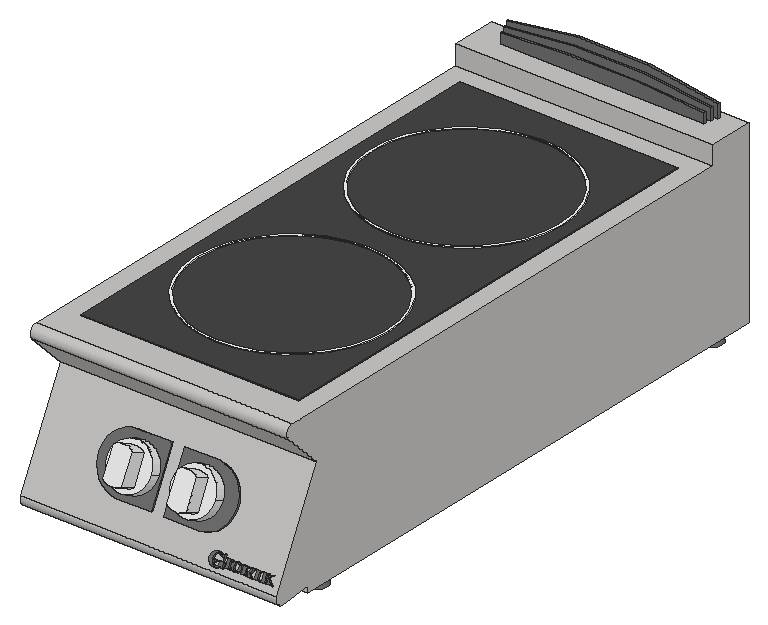
Revit family "QF_GIORIK_CI920T", category Specialty Equipment, Revit 2014
Parameters (values of type "CI920T")
  Weight in Pounds = 99.2079
  Watts = 10000 W
  Volts = 400 V
  URL Cutsheet = "www.giorik.com"
  URL = "www.giorik.com"
  Status [instance] = ""
  Specification by User [instance] = ""
  Specification by Manufacturer = ""
  Show Logo [instance] = yes
  Show Clearance [instance] = yes
  Serial Number = ""
  Seismic Rating = ""
  SMACNA No = ""
  Revision Code [instance] = ""
  Phase = 3
  Number of Poles [instance] = 3
  NAFEM Spec ID Number = ""
  Model = "CI920T"
  Min Ckt Ampacity = 0 A
  Max Overcurrent Protection = 0 A
  Masterspec = ""
  Manufacturer = "GIORIK"
  Item Number [instance] = ""
  Installed By [instance] = ""
  Identify Quantity as Lot [instance] = no
  HP = "13.410200000000"
  Furnished By [instance] = ""
  Foodservice Equipment Identifier [instance] = yes
  FL Amps = 0 A
  Electrical Remarks [instance] = ""
  Electric Connection Type [instance] = ""
  Elec Conn RI Height [instance] = 0 mm
  Elec Conn Connection Height [instance] = 20 mm
  Description = "2 ZONE INDUCTION HOB - COUNTERTOP VERSION"
  Cycle = 50 Hz
  Conn Plug = ""
  CSI MasterFormat = ""
  Assembly Code = "E1090320"
  Apparent Power = 10000 VA
Reference planes
  plane 1 "Back": y = 0
  plane 2: z = 0
  plane 3 "Left": x = 0
  plane 4 "Right": x = 400
  plane 5 "Front": y = -920
  plane 6 "Top": z = 300
Forms (mm)
  Extrusion 1, solid, visible <- "Show Logo"
    sketch origin (196.604, -936.761, 9.486) x (-1, 0, 0) y (0, 0.452718, 0.891654)
      loop
        line (-118.824, 58.358) -> (-127.804, 58.358) -> (-125.523, 56.445) -> (-125.523, 48.027) -> (-127.804, 46.113) -> (-118.824, 46.113) -> (-121.105, 48.027) -> (-121.105, 56.445) -> (-118.824, 58.358)
      loop
        line (-163.721, 58.358) -> (-172.7, 58.358) -> (-170.42, 56.445) -> (-170.42, 48.027) -> (-172.7, 46.113) -> (-163.721, 46.113) -> (-166.001, 48.027) -> (-166.001, 56.445) -> (-163.721, 58.358)
      loop
        line (-174.332, 58.358) -> (-183.312, 58.358) -> (-181.031, 56.445) -> (-181.031, 52.435) -> (-186.419, 56.955) -> (-184.416, 58.358) -> (-191.268, 58.358) -> (-188.01, 56.839) -> (-185.455, 54.283) -> (-190.846, 47.858) -> (-193.396, 46.93) -> (-193.396, 46.113) -> (-184.416, 46.113) -> (-185.437, 47.571) -> (-182.443, 51.552) -> (-181.031, 50.894) -> (-181.031, 48.027) -> (-183.312, 46.113) -> (-174.332, 46.113) -> (-176.613, 48.027) -> (-176.613, 56.445) -> (-174.332, 58.358)
      loop
        line (-115.429, 62.063) -> (-115.429, 54.198)
        arc (-115.429, 54.198) -> (-111.618, 57.803) -> (-106.847, 59.986) r 16.039
        arc (-106.847, 59.986) -> (-103.314, 59.837) -> (-100.512, 57.68) r 5.851
        arc (-100.512, 57.68) -> (-98.815, 52.267) -> (-100.512, 46.853) r 9.479
        arc (-100.512, 46.853) -> (-102.406, 44.986) -> (-104.846, 43.93) r 7.236
        arc (-104.846, 43.93) -> (-107.728, 44.111) -> (-110.052, 45.825) r 5.11
        line (-110.052, 45.825) -> (-110.052, 52.001) -> (-116.141, 52.001) -> (-116.141, 45.503) -> (-117.893, 43.751) -> (-114.094, 44.769)
        arc (-114.094, 44.769) -> (-112.56, 44.947) -> (-111.129, 44.366) r 3.115
        arc (-111.129, 44.366) -> (-104.216, 42.091) -> (-97.303, 44.366) r 11.641
        arc (-97.303, 44.366) -> (-93.396, 52.107) -> (-97.303, 59.849) r 9.622
        arc (-97.303, 59.849) -> (-104.369, 62.174) -> (-111.435, 59.849) r 11.898
        line (-111.435, 59.849) -> (-115.429, 62.063)
      loop
        arc (-129.234, 56.068) -> (-135.893, 58.628) -> (-142.552, 56.068) r 9.941
        arc (-142.552, 56.068) -> (-144.234, 52.286) -> (-142.552, 48.505) r 5.093
        arc (-142.552, 48.505) -> (-135.893, 45.945) -> (-129.234, 48.505) r 9.941
        arc (-129.234, 48.505) -> (-127.552, 52.286) -> (-129.234, 56.068) r 5.093
      loop
        arc (-132.628, 54.403) -> (-135.893, 57.668) -> (-139.158, 54.403) r 3.265
        line (-139.158, 54.403) -> (-139.158, 50.169)
        arc (-139.158, 50.169) -> (-135.893, 46.904) -> (-132.628, 50.169) r 3.265
        line (-132.628, 50.169) -> (-132.628, 54.403)
      loop
        arc (-156.363, 58.365) -> (-159.647, 55.081) -> (-156.363, 51.796) r 3.285
        line (-156.363, 51.796) -> (-159.529, 47.306) -> (-162.087, 46.113) -> (-155.847, 46.113) -> (-153.529, 51.083) -> (-150.637, 51.083) -> (-150.637, 47.784) -> (-153.022, 46.113) -> (-144.011, 46.113) -> (-146.094, 47.68) -> (-146.094, 56.493) -> (-144.229, 58.365) -> (-156.363, 58.365)
      loop
        line (-150.637, 57.512) -> (-153.637, 57.512)
        arc (-153.637, 57.512) -> (-156.237, 54.912) -> (-153.637, 52.312) r 2.6
        line (-153.637, 52.312) -> (-150.637, 52.312) -> (-150.637, 57.512)
      loop
        line (-108.924, 52.001) -> (-104.936, 49.005) -> (-100.948, 52.001) -> (-108.924, 52.001)
    from 1.5 to -0.5
  Extrusion 2, solid
    sketch origin (-4, 0, 5) x (1, 0, 0) y (0, 1, 0)
      loop
        circle (54, -385) r 12.5
    from 0 to 15
  Extrusion 3, solid
    sketch origin (0, 800, -620) x (0, 1, 0) y (0, 0, 1)
      loop
        line (-800, 919.988) -> (-870, 919.988) -> (-870, 889.988) -> (-1688.806, 889.988)
        arc (-1688.806, 889.988) -> (-1699.151, 883.075) -> (-1696.724, 870.873) r 11.197
        line (-1696.724, 870.873) -> (-1640.876, 815.025) -> (-1718.948, 661.258)
        arc (-1718.948, 661.258) -> (-1718.233, 650.105) -> (-1708.118, 645.354) r 10.981
        line (-1708.118, 645.354) -> (-1660, 649.925) -> (-1660, 640) -> (-800, 640) -> (-800, 919.988)
    from 0 to 400
  Extrusion 4, solid
    sketch origin (-273.221, -1163.345, -547.637) x (1, 0, 0) y (0, 0.452718, 0.891654)
      loop
        line (463.221, 676.25) -> (463.221, 766.25) -> (409.698, 766.25)
        arc (409.698, 766.25) -> (364.698, 721.25) -> (409.698, 676.25) r 45
        line (409.698, 676.25) -> (463.221, 676.25)
    from 48 to 50
  Extrusion 5, solid
    sketch origin (501.331, -1208.697, -525.041) x (-1, 0, 0) y (0, -0.45351, -0.891251)
      loop
        circle (351.331, -721.346) r 35
    from 0 to 15
  Extrusion 6, solid
    sketch origin (501.331, -1208.697, -525.041) x (-1, 0, 0) y (0, -0.45351, -0.891251)
      loop
        arc (336.331, -743.846) -> (351.331, -748.846) -> (366.331, -743.846) r 25
        line (366.331, -743.846) -> (366.331, -698.846)
        arc (366.331, -698.846) -> (351.331, -693.846) -> (336.331, -698.846) r 25
        line (336.331, -698.846) -> (336.331, -743.846)
    from 15 to 40
  Extrusion 7, solid
    sketch origin (673.255, -1163.345, -547.637) x (-1, 0, 0) y (0, -0.452718, -0.891654)
      loop
        line (463.221, -676.25) -> (409.698, -676.25)
        arc (409.698, -676.25) -> (364.698, -721.25) -> (409.698, -766.25) r 45
        line (409.698, -766.25) -> (463.221, -766.25) -> (463.221, -676.25)
    from 48 to 50
  Extrusion 8, solid
    sketch origin (-101.297, -1208.697, -525.041) x (1, 0, 0) y (0, 0.45351, 0.891251)
      loop
        circle (351.331, 721.346) r 35
    from 0 to 15
  Extrusion 9, solid
    sketch origin (-101.297, -1208.697, -525.041) x (1, 0, 0) y (0, 0.45351, 0.891251)
      loop
        line (336.331, 743.846) -> (336.331, 698.846)
        arc (336.331, 698.846) -> (351.331, 693.846) -> (366.331, 698.846) r 25
        line (366.331, 698.846) -> (366.331, 743.846)
        arc (366.331, 743.846) -> (351.331, 748.846) -> (336.331, 743.846) r 25
    from 15 to 40
  Extrusion 10, solid
    sketch origin (0, -215, 221) x (0, 1, 0) y (-1, 0, 0)
      loop
        line (-625, -30) -> (-625, -370) -> (115, -370) -> (115, -30) -> (-625, -30)
    from 48 to 50
  Extrusion 11, solid
    sketch origin (10, -531.5, 248.488) x (0, -1, 0) y (1, 0, 0)
      loop
        circle (-231.5, 189.999) r 150
      loop
        circle (-231.5, 189.999) r 146.5
    from 23 to 20.512
  Extrusion 12, solid
    sketch origin (-94, 0, -610.002) x (1, 0, 0) y (0, 0, 1)
      loop
        line (135, 909.989) -> (453, 909.989) -> (453, 925.527) -> (347.056, 931.749) -> (240.944, 931.749) -> (135, 925.527) -> (135, 909.989)
    from 32 to 35
  Extrusion 13, solid
    sketch origin (-92, 10, -610.002) x (1, 0, 0) y (0, 0, 1)
      loop
        line (454, 909.989) -> (454, 928.527) -> (346.162, 939.193) -> (237.838, 939.193) -> (130, 928.527) -> (130, 909.989) -> (454, 909.989)
    from 32 to 35
  Extrusion 14, solid
    sketch origin (-90, 20, -610.002) x (1, 0, 0) y (0, 0, 1)
      loop
        line (455, 909.989) -> (455, 930.527) -> (345.396, 947.413) -> (234.604, 947.413) -> (125, 930.527) -> (125, 909.989) -> (455, 909.989)
    from 32 to 35
  Extrusion 15, solid
    sketch origin (10, -871.5, 248.488) x (0, -1, 0) y (1, 0, 0)
      loop
        circle (-231.5, 189.999) r 150
      loop
        circle (-231.5, 189.999) r 146.5
    from 23 to 20.512
  Extrusion 16, solid
    sketch origin (543.603, 45.324, -30) x (0, 1, 0) y (-1, 0, 0)
      loop
        circle (-79.293, 516.603) r 5
    from 41.965 to 50
  Revolve 17, solid
    sketch origin (27, 49.973, -600) x (0, 1, 0) y (0, 0, 1)
      loop
        line (-83.943, 611.965) -> (-94.752, 611.965) -> (-97.943, 600) -> (-83.943, 600) -> (-83.943, 611.965)
      axis (-83.943, 611.965) -> (-83.943, 600)
    angle from 0 to 360
  Extrusion 18, solid
    sketch origin (-143.603, 45.324, -30) x (0, 1, 0) y (-1, 0, 0)
      loop
        circle (-79.293, -516.603) r 5
    from 41.965 to 50
  Revolve 19, solid
    sketch origin (373, 49.973, -600) x (0, 1, 0) y (0, 0, -1)
      loop
        line (-83.943, -611.965) -> (-83.943, -600) -> (-97.943, -600) -> (-94.752, -611.965) -> (-83.943, -611.965)
      axis (-83.943, -611.965) -> (-83.943, -600)
    angle from 0 to 360
  Extrusion 20, solid
    sketch origin (543.603, -724.744, -30) x (0, 1, 0) y (-1, 0, 0)
      loop
        circle (-79.293, 516.603) r 5
    from 41.965 to 50
  Revolve 21, solid
    sketch origin (27, -720.095, -600) x (0, 1, 0) y (0, 0, 1)
      loop
        line (-83.943, 611.965) -> (-94.752, 611.965) -> (-97.943, 600) -> (-83.943, 600) -> (-83.943, 611.965)
      axis (-83.943, 611.965) -> (-83.943, 600)
    angle from 0 to 360
  Extrusion 22, solid
    sketch origin (-143.603, -724.744, -30) x (0, 1, 0) y (-1, 0, 0)
      loop
        circle (-79.293, -516.603) r 5
    from 41.965 to 50
  Revolve 23, solid
    sketch origin (373, -720.095, -600) x (0, 1, 0) y (0, 0, -1)
      loop
        line (-83.943, -611.965) -> (-83.943, -600) -> (-97.943, -600) -> (-94.752, -611.965) -> (-83.943, -611.965)
      axis (-83.943, -611.965) -> (-83.943, -600)
    angle from 0 to 360
Lines and regions (mm)
  symbolic lines, style "200-EquipBorder-2D"
    curve 1: line (0, -920, 0) -> (400, -920, 0)
    curve 2: line (400, -920, 0) -> (400, 0, 0)
    curve 3: line (400, 0, 0) -> (0, 0, 0)
    curve 4: line (0, 0, 0) -> (0, -920, 0)
  symbolic lines, style "200-EquipInternal-2D"
    curve 5: line (35, -15, 899.988) -> (365, -15, 899.988)
    curve 6: line (365, -12, 899.988) -> (35, -12, 899.988)
    curve 7: line (38, -25, 899.988) -> (362, -25, 899.988)
    curve 8: line (362, -22, 899.988) -> (38, -22, 899.988)
    curve 9: line (41, -35, 899.988) -> (359, -35, 899.988)
    curve 10: line (359, -32, 899.988) -> (41, -32, 899.988)
    curve 11: line (365, -15, 899.988) -> (365, -12, 899.988)
    curve 12: line (362, -25, 899.988) -> (362, -22, 899.988)
    curve 13: line (359, -35, 899.988) -> (359, -32, 899.988)
    curve 14: line (41, -32, 899.988) -> (41, -35, 899.988)
    curve 15: line (38, -22, 899.988) -> (38, -25, 899.988)
    curve 16: line (35, -12, 899.988) -> (35, -15, 899.988)
    curve 17: line (0, -70, 899.988) -> (400, -70, 899.988)
    curve 18: line (30, -100, 300) -> (370, -100, 300)
    curve 19: line (30, -840, 300) -> (30, -100, 300)
    curve 20: line (370, -840, 300) -> (30, -840, 300)
    curve 21: line (370, -100, 300) -> (370, -840, 300)
    curve 22: circle (199.999, -300, 300) r 150 normal (0, 0, 1)
    curve 23: circle (199.999, -300, 300) r 146.5 normal (0, 0, 1)
    curve 24: circle (199.999, -640, 300) r 150 normal (0, 0, 1)
    curve 25: circle (199.999, -640, 300) r 146.5 normal (0, 0, 1)
Dimensions and locks
  plane 3 "Left" to plane 4 "Right" = 400 mm
  plane 5 "Front" to plane 1 "Back" = 920 mm
  plane 4 "Right" to plane 3 "Left" = 400 mm
  plane 1 "Back" to plane 5 "Front" = 920 mm
  plane 6 "Top" to level = 300 mm  (x2)
  aligned and locked: level to plane 2
Connectors
  electrical at (50, -385, 5), driven by "Apparent Power", driven by "Volts", driven by "Number of Poles"
    settings: on Extrusion 2, index 1, voltage 400 V, apparent load 0 VA, apparent load phase1 10000 VA, apparent load phase2 0 VA, apparent load phase3 0 VA, power factor 1, load classification "Other", number of poles 3, system type 31, power factor state 1, is connector primary yes, connector utility no, sub classification motor no, connector description "Electrical connection"
